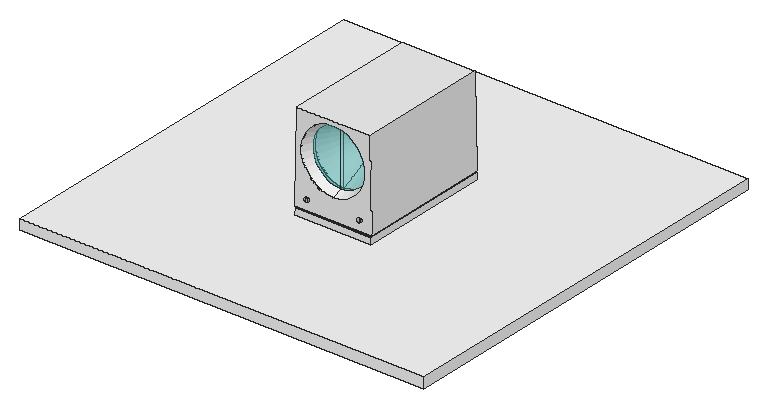
Revit family "BE_33590_de_DE", category Leuchten, Revit 2015
Parameters (values of type "BEGA_33590_Weiß_K4")
  built-in parameter 1150104 = 15.158 (stored number, unit not read)
  Wattage = 3.8 W
  Default Elevation = 0 mm
  built-in parameter 1150113 = 1 (stored number, unit not read)
  built-in parameter 1114218 = 1 (stored number, unit not read)
  Umgebungstemperatur = "25 °C"
  URL = "http://www.bega.de/produkt/33590"
  Typenkommentare = "© 2016 BEGA. Wir behalten uns das Recht vor, technische Änderungen ohne vorherige Ankündigung vorzunehmen."  # constant formula
  Type Image = 33590.png
  built-in parameter 1150134 = 12
  built-in parameter 1150109 = 1 (stored number, unit not read)
  Strom = ""
  built-in parameter 1150110 = 1 (stored number, unit not read)
  Spannung = 239.996 V
  Sonderanfertigung = no
  Seriennummer [instance] = "Hier können Sie die eindeutige Seriennummer für das Facility Management eintragen."
  Schutzklasse = "I"
  Schutzart = "IP 64"
  Scheinlast = 0 VA
  Produktdatenblatt = "http://www.bega.de/download/Xrfa/db/33590.db.de.pdf"
  Oberflächentemperatur = ""
  Neigungswinkel = 0.00°
  Modell = "33590WK4"
  Material_17 = BEGA_Reflektor
  Material_15 = BEGA_Leuchtmedium_matt
  Material_11 = BEGA_Glas_opal
  Material_09 = BEGA_Glas_klar
  Material_06 = BEGA_Oberfläche_Edelstahl_gebürstet
  Material_03 = BEGA_Oberfläche_Weiss_matt
  Material_02 = BEGA_Oberfläche_Silber_matt
  Material_01 [instance] = BEGA_Oberfläche_Grafit_matt
  M_W = yes
  M_G = no
  M_A = no
  Logo = 0
  built-in parameter 1114217 = 1 (stored number, unit not read)
  built-in parameter 1150139 = (empty or 0)
  built-in parameter 1150105 = 49.339 (stored number, unit not read)
  built-in parameter 1150114 = 1 (stored number, unit not read)
  Lumens = 620.008 lm
  built-in parameter 1150115 = 1 (stored number, unit not read)
  Leuchtenlichtstrom = "308 lm"
  Leuchtenanzahl = ""
  Lebensdauerkriterien = "L70 = 50.000 h"
  Lastklassifizierung = Beleuchtung
  built-in parameter 1150112 = 1 (stored number, unit not read)
  Lampenlichtstrom = "620 lm"
  Lampe = "LED 3.8 W"
  LED_Modulbezeichnung = "2x LED-0684/840"
  built-in parameter 1150142 = (empty or 0)
  Hersteller = "BEGA"  # constant formula
  Halbstreuwinkel = ""
  Gewicht = "0.7 kg"
  Gebrauchslageneinschränkung [instance] = ""
  Frequenz = "0/50-60 Hz"
  Farbwiedergabeindex = "Ra > 80"
  Farbtemperaturverschiebung bei Dämpfen der Lampe = <Keine Auswahl>
  Farbtemperatur = "4000 K"
  Color Filter = 16777215
  built-in parameter 1150133 = 10 (stored number, unit not read)
  Energieeffizienzklasse = "LED A++ - A"
  built-in parameter 1150137 = (empty or 0)
  built-in parameter 1150132 = (empty or 0)
  ENEC = "ja"
  Datei für fotometrisches Netz = "BE_33590K4.IES"
  CE_Konformität = "ja"
  Bestellnummer = "33590WK4"
  Beschreibung_Sonderanfertigung = "Hier können Sie Informationen zur Sonderanfertigung eintragen."
  Beschreibung = "Wandleuchte"
  built-in parameter 1150106 = 0.49339 (stored number, unit not read)
  Befestigungsbohrung = "Ø 4,3 mm"
  Befestigungsabstand = "50 mm"
  Ballwurfsicher = ""
  BEGA_Intern_aus = yes
  BEGA_Intern_an = yes
  BEGA_Intern_Konstruktion = yes
  BEGA_Intern = yes
  BEGA_IES = yes
  BEGA_Dummy = no
  Anschlussleitung = ""
  Anschlussleistung [instance] = "5.5 W"
  built-in parameter 1150107 = 4000 (stored number, unit not read)
  built-in parameter 1150102 = (empty or 0)
  built-in parameter 1150138 = (empty or 0)
  Aktualisierung = "2016-10-24T04:21:34"
  Abstand_zur_angestrahlten_Fläche [instance] = ""
  AC/DC = "AC/DC"
Types (6, lengths in mm): name | built-in parameter 1150104 | built-in parameter 1150134 | Modell | M_W | M_G | M_A | built-in parameter 1150105 | Lumens | Leuchtenlichtstrom | Lampenlichtstrom | LED_Modulbezeichnung | Farbtemperatur | Datei für fotometrisches Netz | Bestellnummer | built-in parameter 1150106 | built-in parameter 1150107
  BEGA_33590_Silber_K3 | 14.424 (stored number, unit not read) | (empty or 0) | "33590A" | no | no | yes | 46.95 (stored number, unit not read) | 589.988 lm | "293 lm" | "590 lm" | "2x LED-0684/830" | "3000 K" | "BE_33590.IES" | "33590A" | 0.4695 (stored number, unit not read) | 3000 (stored number, unit not read)
  BEGA_33590_Weiß_K4 | 15.158 (stored number, unit not read) | 12 | "33590WK4" | yes | no | no | 49.339 (stored number, unit not read) | 620.008 lm | "308 lm" | "620 lm" | "2x LED-0684/840" | "4000 K" | "BE_33590K4.IES" | "33590WK4" | 0.49339 (stored number, unit not read) | 4000 (stored number, unit not read)
  BEGA_33590_Grafit_K4 | 15.158 (stored number, unit not read) | 12 | "33590K4" | no | yes | no | 49.339 (stored number, unit not read) | 620.008 lm | "308 lm" | "620 lm" | "2x LED-0684/840" | "4000 K" | "BE_33590K4.IES" | "33590K4" | 0.49339 (stored number, unit not read) | 4000 (stored number, unit not read)
  BEGA_33590_Grafit_K3 | 14.424 (stored number, unit not read) | (empty or 0) | "33590" | no | yes | no | 46.95 (stored number, unit not read) | 589.988 lm | "293 lm" | "590 lm" | "2x LED-0684/830" | "3000 K" | "BE_33590.IES" | "33590" | 0.4695 (stored number, unit not read) | 3000 (stored number, unit not read)
  BEGA_33590_Weiß_K3 | 14.424 (stored number, unit not read) | (empty or 0) | "33590W" | yes | no | no | 46.95 (stored number, unit not read) | 589.988 lm | "293 lm" | "590 lm" | "2x LED-0684/830" | "3000 K" | "BE_33590.IES" | "33590W" | 0.4695 (stored number, unit not read) | 3000 (stored number, unit not read)
  BEGA_33590_Silber_K4 | 15.158 (stored number, unit not read) | 12 | "33590AK4" | no | no | yes | 49.339 (stored number, unit not read) | 620.008 lm | "308 lm" | "620 lm" | "2x LED-0684/840" | "4000 K" | "BE_33590K4.IES" | "33590AK4" | 0.49339 (stored number, unit not read) | 4000 (stored number, unit not read)
Reference planes
  plane 1 "Mitte (Vorne/Hinten)": y = 0
  plane 2: z = 0
  plane 3 "Mitte (Links/Rechts)": x = 0
  plane 4 "Links": x = -37.662
  plane 5 "Rechts": x = 37.662
  plane 6 "Unten": y = -62.662
  plane 7 "Oben": y = 67.662
  plane 8 "Vorne": z = 96
  plane 9 "Hinten": z = 0
Forms (mm)
  Extrusion 1, solid, material "BEGA_Platte_Weiss"
    sketch origin (0, -1119.2, 0) x (1, 0, 0) y (0, 1, 0)
      loop
        line (-200, 1319.2) -> (-200, 919.2) -> (200, 919.2) -> (200, 1319.2) -> (-200, 1319.2)
    from 0 to -10
  Extrusion 2, solid, material "BEGA_Dummy_matt", visible <- "BEGA_Dummy"
    sketch origin (80.095, -76.023, 0) x (1, 0, 0) y (0, 1, 0)
      loop
        line (-117.758, 143.685) -> (-117.758, 13.361) -> (-42.433, 13.361) -> (-42.433, 143.685) -> (-117.758, 143.685)
    from 0 to 96
Dimensions and locks
  plane 1 "Mitte (Vorne/Hinten)" to Extrusion 1 = 200 mm
  aligned and locked: plane 2 to Extrusion 1
  aligned and locked: level to Extrusion 1
Nested families
  nested 1: "BE_33590" at (0, 0, 0) x (0, -1, 0) z (0, 0, 1), type "BE_33590"
Connectors
  electrical at (0, 0, 0), driven by "Lastklassifizierung", driven by "Spannung", driven by "Scheinlast"
    settings: index 1, voltage 239.996 V, apparent load 0 VA, apparent load phase1 0 VA, apparent load phase2 0 VA, apparent load phase3 0 VA, power factor 1, load classification "Beleuchtung", number of poles 1, system type 31, power factor state 1, is connector primary yes, connector utility no, sub classification motor no, connector description ""
Definition of nested family "BE_33590"
  Parameters (values of type "BE_33590")
    Default Elevation = 1 mm
    URL = "http://www.bega.de/de/produkt"
    Type Comments = "© 2015 BEGA. Wir behalten uns das Recht vor, technische Änderungen ohne vorherige Ankündigung vorzunehmen. "  # constant formula
    Type Image = (empty or 0)
    Material_17 = none
    Material_15 = none
    Material_11 = none
    Material_09 = none
    Material_06 = none
    Material_03 = none
    Material_02 = none
    Material_01 = none
    M_W = yes
    M_G = yes
    M_A = yes
    Länge_Platte = 200 mm  # constant formula
    Höhe_Platte = -10 mm  # constant formula
    Manufacturer = "BEGA"  # constant formula
    Breite_Platte = 200 mm  # constant formula
  Reference planes
    plane 1 "Mitte (Oben/Unten)": y = 0
    plane 2: z = 0
    plane 3 "Mitte (Links/Rechts)": x = 0
    plane 4 "Vorne": z = 96
    plane 5 "Links": x = -67.662
    plane 6 "Oben": y = 37.662
    plane 7 "Unten": y = -37.662
    plane 8: x = 62.662
  Forms (mm)
    Extrusion 1, solid, detail levels medium
      sketch origin (0, 0, 0) x (1, 0, 0) y (0, 1, 0)
        loop
          line (-100, 100) -> (-100, -100) -> (100, -100) -> (100, 100) -> (-100, 100)
      from 0 to -10 <- "Höhe_Platte"
    Extrusion 2, solid, material <- "Material_01", visible <- "M_G", detail levels medium+fine
      sketch origin (0, 0, 0) x (1, 0, 0) y (0, 0, 1)
        loop
          line (-67.5, 96) -> (-67.5, 8) -> (-59.266, 8) -> (-59.266, 93.7) -> (53.573, 93.7) -> (53.573, 8) -> (62.5, 8) -> (62.5, 96) -> (-67.5, 96)
      from -37.662 to 37.662
    Extrusion 3, solid, material <- "Material_01", visible <- "M_G", detail levels medium+fine
      sketch origin (0, 0, 0) x (0, 1, 0) y (0, 0, 1)
        loop
          line (-37.662, 96) -> (-37.662, 8) -> (-34.581, 8) -> (-34.581, 96) -> (-37.662, 96)
        loop
          line (37.662, 96) -> (34.581, 96) -> (34.581, 8) -> (37.662, 8) -> (37.662, 96)
      from -67.5 to 62.5
    Sweep 4, solid, material <- "Material_01", visible <- "M_G", detail levels medium+fine
      path origin (0, 0, 0) x (1, 0, 0) y (0, 1, 0)
        loop
          line (-67.662, 37.662) -> (-67.662, -37.662) -> (62.662, -37.662) -> (62.662, 37.662) -> (-67.662, 37.662)
      profile origin (-67.662, 0, 0) x (1, 0, 0) y (0, 0, 1)
        loop
          line (0, 0) -> (6.648, 0) -> (6.962, 9) -> (30.453, 9) -> (30.453, 11.3) -> (4.31, 11.3) -> (1.01, 8) -> (1.01, 6.2) -> (0.162, 6.2) -> (0, 0)
    Extrusion 5, solid, material <- "Material_01", visible <- "M_G", detail levels medium+fine
      sketch origin (0, 0, 0) x (1, 0, 0) y (0, 1, 0)
        loop
          line (32.209, -7.209) -> (32.209, 7.209) -> (-37.209, 7.209) -> (-37.209, -7.209) -> (32.209, -7.209)
      from 9 to 11.3
    Revolve 6, void
      sketch origin (0, 0, 0) x (1, 0, 0) y (0, 0, 1)
        loop
          line (53.376, 87.9) -> (53.376, 60.141) -> (63.376, 60.141) -> (63.376, 92.352) -> (53.376, 87.9)
        axis (53.376, 60.141) -> (63.376, 60.141)
      angle from 0 to 360
    Revolve 7, void
      sketch origin (0, 0, 0) x (1, 0, 0) y (0, 0, 1)
        loop
          line (-68.395, 91.9) -> (-68.395, 59.9) -> (-58.719, 59.9) -> (-58.719, 88.393) -> (-63.099, 88.393) -> (-63.099, 91.9) -> (-68.395, 91.9)
        axis (-68.395, 59.9) -> (-58.719, 59.9)
      angle from 0 to 360
    Revolve 8, solid, material <- "Material_06", detail levels fine
      sketch origin (0, -26, 0) x (1, 0, 0) y (0, 0, 1)
        loop
          line (63.4, 19.799) -> (51.161, 19.799) -> (49.161, 17.799) -> (63.4, 17.799) -> (63.4, 19.799)
        axis (49.161, 17.799) -> (63.4, 17.799)
      angle from 0 to 360
    Revolve 9, solid, material <- "Material_06", detail levels fine
      sketch origin (0, 26, 0) x (1, 0, 0) y (0, 0, -1)
        loop
          line (63.4, -19.799) -> (63.4, -17.799) -> (49.161, -17.799) -> (51.161, -19.799) -> (63.4, -19.799)
        axis (49.161, -17.799) -> (63.4, -17.799)
      angle from 0 to 360
    Revolve 10, solid, material <- "Material_17", detail levels medium+fine
      sketch origin (0, 0, 0) x (1, 0, 0) y (0, 0, 1)
        loop
          arc (-59.266, 88.278) -> (-43.405, 81.141) -> (-29.667, 70.475) r 73.453
          line (-29.667, 70.475) -> (-29.289, 65.072) -> (-28.495, 65.072) -> (-28.916, 71.095)
          arc (-28.916, 71.095) -> (-42.623, 81.743) -> (-58.445, 88.877) r 73.453
          line (-58.445, 88.877) -> (-58.445, 93.497) -> (-59.266, 93.497) -> (-59.266, 88.278)
        axis (-59.266, 59.9) -> (-28.495, 59.9)
      angle from 0 to 360
    Revolve 11, solid, material <- "Material_17", detail levels medium+fine
      sketch origin (-9.918, 0, 0) x (-1, 0, 0) y (0, 0, 1)
        loop
          arc (-59.266, 88.278) -> (-43.405, 81.141) -> (-29.667, 70.475) r 73.453
          line (-29.667, 70.475) -> (-29.289, 65.072) -> (-28.495, 65.072) -> (-28.916, 71.095)
          arc (-28.916, 71.095) -> (-42.623, 81.743) -> (-58.445, 88.877) r 73.453
          line (-58.445, 88.877) -> (-58.445, 93.497) -> (-59.266, 93.497) -> (-59.266, 88.278)
        axis (-59.266, 59.9) -> (-28.495, 59.9)
      angle from 0 to 360
    Revolve 12, solid, material <- "Material_09", detail levels medium+fine
      sketch origin (0, 0, 0) x (1, 0, 0) y (0, 0, 1)
        loop
          line (53.284, 93.17) -> (49.348, 93.17) -> (49.348, 60.141) -> (53.284, 60.141) -> (53.284, 93.17)
        axis (49.348, 60.141) -> (53.284, 60.141)
      angle from 0 to 360
    Revolve 13, solid, material <- "Material_09", detail levels medium+fine
      sketch origin (-116.784, 0, -2.27) x (1, 0, 0) y (0, 0, 1)
        loop
          line (53.284, 93.17) -> (49.348, 93.17) -> (49.348, 62.17) -> (53.284, 62.17) -> (53.284, 93.17)
        axis (49.348, 62.17) -> (53.284, 62.17)
      angle from 0 to 360
    Extrusion 14, void
      sketch origin (0, 0, 0) x (0, 1, 0) y (0, 0, 1)
        loop
          line (-31, 79.546) -> (-34.049, 79.546) -> (-34.049, 41) -> (-31, 41) -> (-31, 79.546)
      from 49.348 to 56.488
    Extrusion 15, void
      sketch origin (0, 0, 0) x (0, -1, 0) y (0, 0, -1)
        loop
          line (-31, -79.546) -> (-31, -41) -> (-34.049, -41) -> (-34.049, -79.546) -> (-31, -79.546)
      from 49.348 to 56.488
    Revolve 16, solid, material <- "Material_15", detail levels medium+fine
      sketch origin (0, 0, -0.132) x (1, 0, 0) y (0, 0, 1)
        loop
          line (16, 63.926) -> (15.185, 63.926) -> (15.185, 60.273) -> (16, 60.273) -> (16, 63.926)
        axis (15.185, 60.273) -> (16.185, 60.273)
      angle from 0 to 360
    Revolve 17, solid, material <- "Material_15", detail levels medium+fine
      sketch origin (-41.7, 0, -0.132) x (1, 0, 0) y (0, 0, 1)
        loop
          line (16, 63.926) -> (15.185, 63.926) -> (15.185, 60.273) -> (16, 60.273) -> (16, 63.926)
        axis (15.185, 60.273) -> (16.185, 60.273)
      angle from 0 to 360
    Sweep 18, solid, material <- "Material_02", visible <- "M_A", detail levels medium+fine
      path origin (0, 0, 0) x (1, 0, 0) y (0, 1, 0)
        loop
          line (-67.662, 37.662) -> (-67.662, -37.662) -> (62.662, -37.662) -> (62.662, 37.662) -> (-67.662, 37.662)
      profile origin (-67.662, 0, 0) x (1, 0, 0) y (0, 0, 1)
        loop
          line (0, 0) -> (6.648, 0) -> (6.962, 9) -> (30.453, 9) -> (30.453, 11.3) -> (4.31, 11.3) -> (1.01, 8) -> (1.01, 6.2) -> (0.162, 6.2) -> (0, 0)
    Extrusion 19, solid, material <- "Material_02", visible <- "M_A", detail levels medium+fine
      sketch origin (0, 0, 0) x (1, 0, 0) y (0, 1, 0)
        loop
          line (32.209, -7.209) -> (32.209, 7.209) -> (-37.209, 7.209) -> (-37.209, -7.209) -> (32.209, -7.209)
      from 9 to 11.3
    Sweep 20, solid, material <- "Material_03", visible <- "M_W", detail levels medium+fine
      path origin (0, 0, 0) x (1, 0, 0) y (0, 1, 0)
        loop
          line (-67.662, 37.662) -> (-67.662, -37.662) -> (62.662, -37.662) -> (62.662, 37.662) -> (-67.662, 37.662)
      profile origin (-67.662, 0, 0) x (1, 0, 0) y (0, 0, 1)
        loop
          line (0, 0) -> (6.648, 0) -> (6.962, 9) -> (30.453, 9) -> (30.453, 11.3) -> (4.31, 11.3) -> (1.01, 8) -> (1.01, 6.2) -> (0.162, 6.2) -> (0, 0)
    Extrusion 21, solid, material <- "Material_03", visible <- "M_W", detail levels medium+fine
      sketch origin (0, 0, 0) x (1, 0, 0) y (0, 1, 0)
        loop
          line (32.209, -7.209) -> (32.209, 7.209) -> (-37.209, 7.209) -> (-37.209, -7.209) -> (32.209, -7.209)
      from 9 to 11.3
    Extrusion 22, solid, material <- "Material_02", visible <- "M_A", detail levels medium+fine
      sketch origin (0, 0, 0) x (1, 0, 0) y (0, 0, 1)
        loop
          line (-67.5, 96) -> (-67.5, 8) -> (-59.266, 8) -> (-59.266, 93.7) -> (53.573, 93.7) -> (53.573, 8) -> (62.5, 8) -> (62.5, 96) -> (-67.5, 96)
      from -37.662 to 37.662
    Extrusion 23, solid, material <- "Material_02", visible <- "M_A", detail levels medium+fine
      sketch origin (0, 0, 0) x (0, 1, 0) y (0, 0, 1)
        loop
          line (-37.662, 96) -> (-37.662, 8) -> (-34.581, 8) -> (-34.581, 96) -> (-37.662, 96)
        loop
          line (37.662, 96) -> (34.581, 96) -> (34.581, 8) -> (37.662, 8) -> (37.662, 96)
      from -67.5 to 62.5
    Extrusion 24, solid, material <- "Material_03", visible <- "M_W", detail levels medium+fine
      sketch origin (0, 0, 0) x (1, 0, 0) y (0, 0, 1)
        loop
          line (-67.5, 96) -> (-67.5, 8) -> (-59.266, 8) -> (-59.266, 93.7) -> (53.573, 93.7) -> (53.573, 8) -> (62.5, 8) -> (62.5, 96) -> (-67.5, 96)
      from -37.662 to 37.662
    Extrusion 25, solid, material <- "Material_03", visible <- "M_W", detail levels medium+fine
      sketch origin (0, 0, 0) x (0, 1, 0) y (0, 0, 1)
        loop
          line (-37.662, 96) -> (-37.662, 8) -> (-34.581, 8) -> (-34.581, 96) -> (-37.662, 96)
        loop
          line (37.662, 96) -> (34.581, 96) -> (34.581, 8) -> (37.662, 8) -> (37.662, 96)
      from -67.5 to 62.5
    Extrusion 26, void
      sketch origin (0, 0, 0) x (1, 0, 0) y (0, 1, 0)
        loop
          circle (0, 25) r 2.156
        loop
          circle (0, -25) r 2.156
        loop
          circle (-47, 18.5) r 8.5
        loop
          circle (-47, -18.5) r 8.5
      from 0 to 12.405
    Extrusion 27, void
      sketch origin (0, 0, 0) x (0, 1, 0) y (0, 0, 1)
        loop
          line (-37.662, 8) -> (-36.071, 99.148) -> (-37.662, 99.148) -> (-37.662, 8)
      from -69.5 to 65.4
    Extrusion 28, void
      sketch origin (0, 0, 0) x (0, -1, 0) y (0, 0, -1)
        loop
          line (-37.662, -8) -> (-37.662, -99.148) -> (-36.071, -99.148) -> (-37.662, -8)
      from -69.5 to 65.4
  Cuts and joins
    Revolve 6, Revolve 7, Extrusion 14, Extrusion 15, Extrusion 26, Extrusion 27, Extrusion 28 cuts Extrusion 2
    Revolve 6, Revolve 7, Extrusion 14, Extrusion 15, Extrusion 26, Extrusion 27, Extrusion 28 cuts Extrusion 3
    joined: Extrusion 2, Extrusion 3
    Extrusion 26 cuts Sweep 4
    Extrusion 26 cuts Extrusion 5
    joined: Sweep 4, Extrusion 5
    Extrusion 14, Extrusion 15 cuts Revolve 11
    Extrusion 14, Extrusion 15 cuts Revolve 12
    Extrusion 26 cuts Sweep 18
    Extrusion 26 cuts Extrusion 19
    joined: Sweep 18, Extrusion 19
    Extrusion 26 cuts Sweep 20
    Extrusion 26 cuts Extrusion 21
    joined: Sweep 20, Extrusion 21
    Revolve 6, Revolve 7, Extrusion 26, Extrusion 27, Extrusion 28 cuts Extrusion 22
    Extrusion 26, Extrusion 27, Extrusion 28 cuts Extrusion 23
    joined: Extrusion 22, Extrusion 23
    Revolve 6, Revolve 7, Extrusion 26, Extrusion 27, Extrusion 28 cuts Extrusion 24
    Extrusion 26, Extrusion 27, Extrusion 28 cuts Extrusion 25
    joined: Extrusion 24, Extrusion 25
    Extrusion 26 cuts Revolve 10
  Dimensions and locks
    equal spacing: Extrusion 1 sketch curve, plane 3 "Mitte (Links/Rechts)", Extrusion 1 sketch curve
    equal spacing: Extrusion 1 sketch curve, plane 1 "Mitte (Oben/Unten)", Extrusion 1 sketch curve
    "Länge_Platte": Extrusion 1 sketch curve to Extrusion 1 sketch curve
    "Breite_Platte": Extrusion 1 sketch curve to Extrusion 1 sketch curve
    aligned and locked: Extrusion 1 to plane 2
    aligned and locked: level to Extrusion 1
  Automatic sketch dimensions
    plane 5 "Links" to Extrusion 2 sketch curve = 0.162 mm
    plane 5 "Links" to Extrusion 2 sketch curve = 8.396 mm
    level to Extrusion 2 sketch curve = 8 mm  (x2)
    Extrusion 2 sketch curve to Extrusion 2 sketch curve = 85.7 mm
    Extrusion 2 sketch curve to Extrusion 2 sketch curve = 2.3 mm
    plane 1 "Mitte (Oben/Unten)" to Extrusion 3 sketch curve = 37.662 mm
    Extrusion 3 sketch curve to Extrusion 3 sketch curve = 3.081 mm  (x2)
    Extrusion 3 sketch curve to plane 1 "Mitte (Oben/Unten)" = 34.581 mm
    level to Extrusion 3 sketch curve = 8 mm  (x2)
    Extrusion 3 sketch curve to Extrusion 3 sketch curve = 88 mm
    Extrusion 3 sketch curve to Extrusion 3 sketch curve = 0 mm
    Sweep 4 sketch curve to plane 5 "Links" = 0 mm
    plane 1 "Mitte (Oben/Unten)" to Sweep 4 sketch curve = 37.662 mm
    Sweep 4 sketch curve to plane 1 "Mitte (Oben/Unten)" = 37.662 mm
    Sweep 4 sketch curve to level = 0 mm
    profile plane to Sweep 4 sketch curve = 0 mm
    Sweep 4 sketch curve to profile plane = 0.162 mm
    Sweep 4 sketch curve to Sweep 4 sketch curve = 0.848 mm
    Sweep 4 sketch curve to profile plane = 4.31 mm
    Sweep 4 sketch curve to profile plane = 6.648 mm
    Sweep 4 sketch curve to Sweep 4 sketch curve = 2.652 mm
    level to Sweep 4 sketch curve = 9 mm
    Sweep 4 sketch curve to Sweep 4 sketch curve = 23.491 mm
    level to Sweep 4 sketch curve = 6.2 mm
    Sweep 4 sketch curve to Sweep 4 sketch curve = 1.8 mm
    Sweep 4 sketch curve to Sweep 4 sketch curve = 2.3 mm
    plane 1 "Mitte (Oben/Unten)" to Extrusion 5 sketch curve = 7.209 mm
    plane 5 "Links" to Extrusion 5 sketch curve = 30.453 mm
    Extrusion 5 sketch curve to plane 1 "Mitte (Oben/Unten)" = 7.209 mm
    plane 3 "Mitte (Links/Rechts)" to Extrusion 5 sketch curve = 32.209 mm
    level to Revolve 6 sketch curve = 60.141 mm
    Revolve 6 sketch curve to Revolve 6 sketch curve = 27.759 mm
    Revolve 6 sketch curve to Revolve 6 sketch curve = 4.452 mm
    Revolve 6 sketch curve to Revolve 6 sketch curve = 0 mm  (x3)
    Revolve 7 sketch curve to plane 5 "Links" = 0.733 mm
    plane 5 "Links" to Revolve 7 sketch curve = 4.563 mm
    plane 5 "Links" to Revolve 7 sketch curve = 8.943 mm
    level to Revolve 7 sketch curve = 59.9 mm
    Revolve 7 sketch curve to Revolve 7 sketch curve = 28.493 mm
    Revolve 7 sketch curve to Revolve 7 sketch curve = 3.507 mm
    Revolve 7 sketch curve to Revolve 7 sketch curve = 0 mm  (x3)
    Revolve 8 sketch curve to Revolve 8 sketch curve = 2 mm  (x2)
    level to Revolve 8 sketch curve = 17.799 mm
    Revolve 8 sketch curve to Revolve 8 sketch curve = 0 mm  (x3)
    Revolve 9 sketch curve to Revolve 9 sketch curve = 2 mm  (x2)
    level to Revolve 9 sketch curve = 19.799 mm
    Revolve 9 sketch curve to Revolve 9 sketch curve = 0 mm  (x3)
    Revolve 10 sketch curve to plane 5 "Links" = 13.603 mm
    Revolve 10 sketch curve to Revolve 10 sketch curve = 0.751 mm  (x2)
    plane 5 "Links" to Revolve 10 sketch curve = 8.396 mm
    Revolve 10 sketch curve to Revolve 10 sketch curve = 0.821 mm
    Revolve 10 sketch curve to plane 3 "Mitte (Links/Rechts)" = 29.667 mm
    Revolve 10 sketch curve to Revolve 10 sketch curve = 0.378 mm
    Revolve 10 sketch curve to Revolve 10 sketch curve = 0.794 mm
    level to Revolve 10 sketch curve = 18.197 mm
    Revolve 10 sketch curve to Revolve 10 sketch curve = 0.62 mm  (x2)
    level to Revolve 10 sketch curve = 65.072 mm
    Revolve 10 sketch curve to Revolve 10 sketch curve = 5.402 mm
    Revolve 10 sketch curve to Revolve 10 sketch curve = 4.621 mm
    plane 5 "Links" to Revolve 10 sketch curve = 0.162 mm
    Revolve 10 sketch curve to Revolve 10 sketch curve = 0.995 mm
    Revolve 10 sketch curve to Revolve 10 sketch curve = 28.378 mm
    Revolve 11 sketch curve to Revolve 11 sketch curve = 0.751 mm  (x2)
    Revolve 11 sketch curve to Revolve 11 sketch curve = 0.821 mm
    Revolve 11 sketch curve to plane 3 "Mitte (Links/Rechts)" = 19.749 mm
    Revolve 11 sketch curve to Revolve 11 sketch curve = 0.378 mm
    Revolve 11 sketch curve to Revolve 11 sketch curve = 0.794 mm
    Revolve 11 sketch curve to level = 18.197 mm
    Revolve 11 sketch curve to Revolve 11 sketch curve = 0.62 mm  (x2)
    Revolve 11 sketch curve to level = 65.072 mm
    Revolve 11 sketch curve to Revolve 11 sketch curve = 5.402 mm
    Revolve 11 sketch curve to Revolve 11 sketch curve = 4.621 mm
    Revolve 11 sketch curve to Revolve 11 sketch curve = 0.995 mm
    Revolve 11 sketch curve to Revolve 11 sketch curve = 28.378 mm
    Revolve 12 sketch curve to Revolve 12 sketch curve = 3.936 mm
    level to Revolve 12 sketch curve = 60.141 mm
    Revolve 12 sketch curve to Revolve 12 sketch curve = 33.029 mm
    Revolve 12 sketch curve to Revolve 12 sketch curve = 0 mm  (x3)
    plane 5 "Links" to Revolve 13 sketch curve = 0.227 mm
    Revolve 13 sketch curve to Revolve 13 sketch curve = 3.936 mm
    level to Revolve 13 sketch curve = 59.9 mm
    Revolve 13 sketch curve to Revolve 13 sketch curve = 31 mm
    Revolve 13 sketch curve to Revolve 13 sketch curve = 0 mm  (x3)
    plane 1 "Mitte (Oben/Unten)" to Extrusion 14 sketch curve = 34.049 mm
    Extrusion 14 sketch curve to Extrusion 14 sketch curve = 3.049 mm
    level to Extrusion 14 sketch curve = 41 mm
    Extrusion 14 sketch curve to Extrusion 14 sketch curve = 38.546 mm
    plane 1 "Mitte (Oben/Unten)" to Extrusion 15 sketch curve = 34.049 mm
    Extrusion 15 sketch curve to Extrusion 15 sketch curve = 3.049 mm
    Extrusion 15 sketch curve to level = 41 mm
    Extrusion 15 sketch curve to Extrusion 15 sketch curve = 38.546 mm
    plane 3 "Mitte (Links/Rechts)" to Revolve 16 sketch curve = 15.185 mm
    Revolve 16 sketch curve to Revolve 16 sketch curve = 0.815 mm
    level to Revolve 16 sketch curve = 60.141 mm
    Revolve 16 sketch curve to Revolve 16 sketch curve = 3.653 mm
    Revolve 16 sketch curve to Revolve 16 sketch curve = 0 mm  (x3)
    Revolve 17 sketch curve to plane 3 "Mitte (Links/Rechts)" = 26.515 mm
    Revolve 17 sketch curve to Revolve 17 sketch curve = 0.815 mm
    level to Revolve 17 sketch curve = 60.141 mm
    Revolve 17 sketch curve to Revolve 17 sketch curve = 3.653 mm
    Revolve 17 sketch curve to Revolve 17 sketch curve = 0 mm  (x3)
    Sweep 18 sketch curve to plane 5 "Links" = 0 mm
    plane 1 "Mitte (Oben/Unten)" to Sweep 18 sketch curve = 37.662 mm
    Sweep 18 sketch curve to plane 1 "Mitte (Oben/Unten)" = 37.662 mm
    Sweep 18 sketch curve to level = 0 mm
    profile plane to Sweep 18 sketch curve = 0 mm
    Sweep 18 sketch curve to profile plane = 0.162 mm
    Sweep 18 sketch curve to Sweep 18 sketch curve = 0.848 mm
    Sweep 18 sketch curve to profile plane = 4.31 mm
    Sweep 18 sketch curve to profile plane = 6.648 mm
    Sweep 18 sketch curve to Sweep 18 sketch curve = 2.652 mm
    level to Sweep 18 sketch curve = 9 mm
    Sweep 18 sketch curve to Sweep 18 sketch curve = 23.491 mm
    level to Sweep 18 sketch curve = 6.2 mm
    Sweep 18 sketch curve to Sweep 18 sketch curve = 1.8 mm
    Sweep 18 sketch curve to Sweep 18 sketch curve = 2.3 mm
    plane 1 "Mitte (Oben/Unten)" to Extrusion 19 sketch curve = 7.209 mm
    plane 5 "Links" to Extrusion 19 sketch curve = 30.453 mm
    Extrusion 19 sketch curve to plane 1 "Mitte (Oben/Unten)" = 7.209 mm
    plane 3 "Mitte (Links/Rechts)" to Extrusion 19 sketch curve = 32.209 mm
    Sweep 20 sketch curve to plane 5 "Links" = 0 mm
    plane 1 "Mitte (Oben/Unten)" to Sweep 20 sketch curve = 37.662 mm
    Sweep 20 sketch curve to plane 1 "Mitte (Oben/Unten)" = 37.662 mm
    Sweep 20 sketch curve to level = 0 mm
    profile plane to Sweep 20 sketch curve = 0 mm
    Sweep 20 sketch curve to profile plane = 0.162 mm
    Sweep 20 sketch curve to Sweep 20 sketch curve = 0.848 mm
    Sweep 20 sketch curve to profile plane = 4.31 mm
    Sweep 20 sketch curve to profile plane = 6.648 mm
    Sweep 20 sketch curve to Sweep 20 sketch curve = 2.652 mm
    level to Sweep 20 sketch curve = 9 mm
    Sweep 20 sketch curve to Sweep 20 sketch curve = 23.491 mm
    level to Sweep 20 sketch curve = 6.2 mm
    Sweep 20 sketch curve to Sweep 20 sketch curve = 1.8 mm
    Sweep 20 sketch curve to Sweep 20 sketch curve = 2.3 mm
    plane 1 "Mitte (Oben/Unten)" to Extrusion 21 sketch curve = 7.209 mm
    plane 5 "Links" to Extrusion 21 sketch curve = 30.453 mm
    Extrusion 21 sketch curve to plane 1 "Mitte (Oben/Unten)" = 7.209 mm
    plane 3 "Mitte (Links/Rechts)" to Extrusion 21 sketch curve = 32.209 mm
    plane 5 "Links" to Extrusion 22 sketch curve = 0.162 mm
    plane 5 "Links" to Extrusion 22 sketch curve = 8.396 mm
    level to Extrusion 22 sketch curve = 8 mm  (x2)
    Extrusion 22 sketch curve to Extrusion 22 sketch curve = 85.7 mm
    Extrusion 22 sketch curve to Extrusion 22 sketch curve = 2.3 mm
    plane 1 "Mitte (Oben/Unten)" to Extrusion 23 sketch curve = 37.662 mm
    Extrusion 23 sketch curve to Extrusion 23 sketch curve = 3.081 mm  (x2)
    Extrusion 23 sketch curve to plane 1 "Mitte (Oben/Unten)" = 34.581 mm
    level to Extrusion 23 sketch curve = 8 mm  (x2)
    Extrusion 23 sketch curve to Extrusion 23 sketch curve = 88 mm
    Extrusion 23 sketch curve to Extrusion 23 sketch curve = 0 mm
    plane 5 "Links" to Extrusion 24 sketch curve = 0.162 mm
    plane 5 "Links" to Extrusion 24 sketch curve = 8.396 mm
    level to Extrusion 24 sketch curve = 8 mm  (x2)
    Extrusion 24 sketch curve to Extrusion 24 sketch curve = 85.7 mm
    Extrusion 24 sketch curve to Extrusion 24 sketch curve = 2.3 mm
    plane 1 "Mitte (Oben/Unten)" to Extrusion 25 sketch curve = 37.662 mm
    Extrusion 25 sketch curve to Extrusion 25 sketch curve = 3.081 mm  (x2)
    Extrusion 25 sketch curve to plane 1 "Mitte (Oben/Unten)" = 34.581 mm
    level to Extrusion 25 sketch curve = 8 mm  (x2)
    Extrusion 25 sketch curve to Extrusion 25 sketch curve = 88 mm
    Extrusion 25 sketch curve to Extrusion 25 sketch curve = 0 mm
    Extrusion 26 sketch curve to plane 3 "Mitte (Links/Rechts)" = 0 mm  (x2)
    plane 5 "Links" to Extrusion 26 sketch curve = 20.662 mm  (x2)
    plane 1 "Mitte (Oben/Unten)" to Extrusion 26 sketch curve = 25 mm
    plane 1 "Mitte (Oben/Unten)" to Extrusion 26 sketch curve = 18.5 mm
    Extrusion 26 sketch curve to plane 1 "Mitte (Oben/Unten)" = 18.5 mm
    Extrusion 26 sketch curve to plane 1 "Mitte (Oben/Unten)" = 25 mm
    plane 1 "Mitte (Oben/Unten)" to Extrusion 27 sketch curve = 37.662 mm
    Extrusion 27 sketch curve to Extrusion 27 sketch curve = 1.591 mm
    level to Extrusion 27 sketch curve = 8 mm
    Extrusion 27 sketch curve to Extrusion 27 sketch curve = 91.148 mm
    plane 1 "Mitte (Oben/Unten)" to Extrusion 28 sketch curve = 37.662 mm
    Extrusion 28 sketch curve to Extrusion 28 sketch curve = 1.591 mm
    Extrusion 28 sketch curve to level = 8 mm
    Extrusion 28 sketch curve to Extrusion 28 sketch curve = 91.148 mm
    plane 3 "Mitte (Links/Rechts)" to Extrusion 2 sketch curve = 53.573 mm
    Extrusion 2 sketch curve to Extrusion 2 sketch curve = 8.927 mm
    plane 3 "Mitte (Links/Rechts)" to Sweep 4 sketch curve = 62.662 mm
    plane 3 "Mitte (Links/Rechts)" to Revolve 6 sketch curve = 53.376 mm
    Revolve 6 sketch curve to Revolve 6 sketch curve = 10 mm
    plane 3 "Mitte (Links/Rechts)" to Revolve 8 sketch curve = 49.161 mm
    Revolve 8 sketch curve to Revolve 8 sketch curve = 12.239 mm
    plane 3 "Mitte (Links/Rechts)" to Revolve 9 sketch curve = 49.161 mm
    Revolve 9 sketch curve to Revolve 9 sketch curve = 12.239 mm
    Revolve 11 sketch curve to Revolve 11 sketch curve = 28.779 mm
    Revolve 11 sketch curve to Revolve 11 sketch curve = 53.015 mm
    Revolve 11 sketch curve to Revolve 11 sketch curve = 8.234 mm
    plane 3 "Mitte (Links/Rechts)" to Revolve 12 sketch curve = 49.348 mm
    plane 3 "Mitte (Links/Rechts)" to Sweep 18 sketch curve = 62.662 mm
    plane 3 "Mitte (Links/Rechts)" to Sweep 20 sketch curve = 62.662 mm
    plane 3 "Mitte (Links/Rechts)" to Extrusion 22 sketch curve = 53.573 mm
    Extrusion 22 sketch curve to Extrusion 22 sketch curve = 8.927 mm
    plane 3 "Mitte (Links/Rechts)" to Extrusion 24 sketch curve = 53.573 mm
    Extrusion 24 sketch curve to Extrusion 24 sketch curve = 8.927 mm
    radius of Extrusion 26 sketch curve = 2.156 mm  (x2)
    radius of Extrusion 26 sketch curve = 8.5 mm  (x2)
